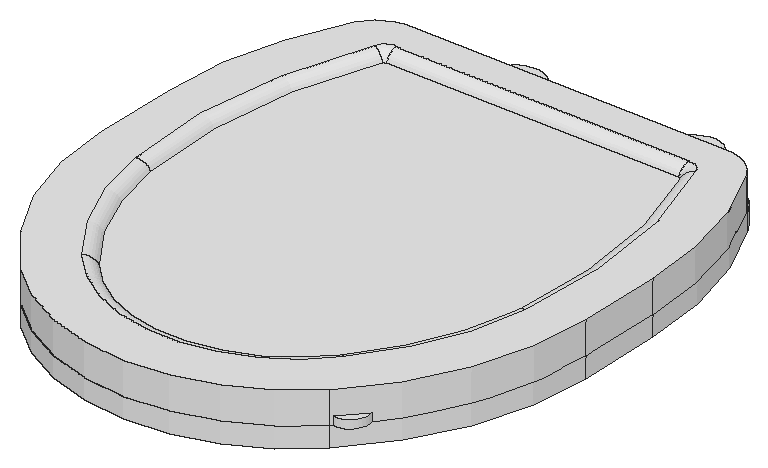
Revit family
Parameters (values of type "5350.110.020")
  Width = 15"
  Warranty Information = "1 Year Limited Warranty"
  URL = "http://www.americanstandard-us.com/"
  Product Page URL = "http://www.americanstandard-us.com/toilet-seats/cadet-3-slow-close-toilet-seat/"
  Product Documentation Link = "http://www.americanstandard-us.com/assets/documents/amstd/spec/SpecSheet_2138.pdf"
  Price = "Prices may vary. Please consult Manufacturer Representative for most up-to-date price list."  # constant formula
  Phone Number = "416-250-5656"  # constant formula
  Omniclass Table 23 Title = "Water Operated Water Closets"  # constant formula
  Omniclass Table 23 Code = "23.45.05.21.11.11"  # constant formula
  Model = "5350.110.020"
  Material = Plastic-American Standard-020-White
  Masterformat Title = "Residential Water Closets"  # constant formula
  Masterformat Number = "22 41 13 13"  # constant formula
  Manufacturer = "American Standard"
  Length = 18 1/2"
  Installation Type = "Surface Mounted"
  Height = 1 5/8"
  Description = "Cadet 3 Slow Close Toilet Elongated Seat White"
  Default Elevation = 0"
  Creation Date = "14/04/2014"  # constant formula
  Created By = "Allied Technical Services"  # constant formula
  Assembly Code = "D2010110"
  ATS URL = "http://www.atsspec.net"
  ADA Compliant = no
Types (5): name | Model | Material | Description
  (no name) | "5350.110.020" | Plastic-American Standard-020-White | "Cadet 3 Slow Close Toilet Elongated Seat White"
  5350.110.020 | "5350.110.020" | Plastic-American Standard-020-White | "Cadet 3 Slow Close Toilet Elongated Seat White"
  5350.110.021 | "5350.110.021" | Plastic-American Standard-021-Bone | "Cadet 3 Slow Close Toilet Elongated Seat Bone"
  5350.110.222 | "5350.110.222" | Plastic-American Standard-021-Bone | "Cadet 3 Slow Close Toilet Elongated Seat Linen"
  5350.110.178 | "5350.110.178" | Plastic-American Standard-178-Black | "Cadet 3 Slow Close Toilet Elongated Seat Black"
Reference planes (in)
  plane 1 "Center (Front/Back)": y = 0
  plane 2: z = 0
  plane 3 "Center (Left/Right)": x = 0
  plane 4: y = 8.00212
  plane 5: y = -10.49788
  plane 6: x = 7.5
  plane 7: x = -7.5
  plane 8: x = -2.75
  plane 9: x = 2.75
  plane 10: z = 1.625
Forms (in)
  Extrusion 1, solid, material "Plastic-American Standard-020-White" <- "Material"
    sketch origin (41, 7.87322, -0.03415) x (-1, 0, 0) y (0, -1, 0)
      loop
        arc (45.87153, 1.10606) -> (46.57277, 1.29567) -> (47.08291, 1.81283) r 1.39151
        arc (47.08291, 1.81283) -> (48.1398, 4.41458) -> (48.5, 7.1996) r 10.94688
        line (48.5, 7.1996) -> (48.5, 9.81202)
        arc (48.5, 9.81202) -> (47.79774, 13.3655) -> (45.79656, 16.38471) r 9.34158
        arc (45.79656, 16.38471) -> (41, 18.38544) -> (36.20344, 16.38471) r 6.75
        arc (36.20344, 16.38471) -> (34.20226, 13.3655) -> (33.5, 9.81202) r 9.34158
        line (33.5, 9.81202) -> (33.5, 7.1996)
        arc (33.5, 7.1996) -> (33.8602, 4.41458) -> (34.91709, 1.81283) r 10.94688
        arc (34.91709, 1.81283) -> (35.42723, 1.29567) -> (36.12847, 1.10606) r 1.39151
        line (36.12847, 1.10606) -> (45.87153, 1.10606)
    from 0.65915 to 1.65915
  Extrusion 2, solid, material "Plastic-American Standard-020-White" <- "Material"
    sketch origin (56, 8.60759, 0.125) x (-1, 0, 0) y (0, -1, 0)
      loop
        arc (63.5, 10.54639) -> (62.79774, 14.09987) -> (60.79656, 17.11908) r 9.34158
        arc (60.79656, 17.11908) -> (56, 19.11981) -> (51.20344, 17.11908) r 6.75
        arc (51.20344, 17.11908) -> (49.20226, 14.09987) -> (48.5, 10.54639) r 9.34158
        line (48.5, 10.54639) -> (48.5, 7.93398)
        arc (48.5, 7.93398) -> (48.89192, 5.03105) -> (50.03962, 2.33598) r 10.94688
        arc (50.03962, 2.33598) -> (50.53988, 1.84551) -> (51.21719, 1.66642) r 1.3703
        line (51.21719, 1.66642) -> (60.78281, 1.66642)
        arc (60.78281, 1.66642) -> (61.46012, 1.84551) -> (61.96038, 2.33598) r 1.3703
        arc (61.96038, 2.33598) -> (63.10808, 5.03105) -> (63.5, 7.93398) r 10.94688
        line (63.5, 7.93398) -> (63.5, 10.54639)
      loop
        arc (60.18794, 10.98117) -> (59.46213, 13.79788) -> (57.46547, 15.91306) r 5.82843
        arc (57.46547, 15.91306) -> (56, 16.33607) -> (54.53453, 15.91306) r 2.75
        arc (54.53453, 15.91306) -> (52.53787, 13.79788) -> (51.81206, 10.98117) r 5.82843
        line (51.81206, 10.98117) -> (51.81206, 8.61124)
        arc (51.81206, 8.61124) -> (56, 4.4233) -> (60.18794, 8.61124) r 4.18794
        line (60.18794, 8.61124) -> (60.18794, 10.98117)
    from -0.125 to 0.5
  Sweep 3, solid, material "Plastic-American Standard-020-White" <- "Material"
    path origin (0, 0, 0) x (1, 0, 0) y (0, 1, 0)
      loop
        line (4.54135, 5.76716) -> (-4.54135, 5.76716)
        arc (-4.54135, 5.76716) -> (-4.81783, 5.68377) -> (-5.00208, 5.46141) r 0.5
        arc (-5.00208, 5.46141) -> (-6.06233, 1.56168) -> (-6.05578, -2.47961) r 15.17631
        arc (-6.05578, -2.47961) -> (-5.37479, -4.90922) -> (-4.057, -7.061) r 9.16379
        arc (-4.057, -7.061) -> (0, -8.97885) -> (4.057, -7.061) r 5.25
        arc (4.057, -7.061) -> (5.37479, -4.90922) -> (6.05578, -2.47961) r 9.16379
        arc (6.05578, -2.47961) -> (6.06233, 1.56168) -> (5.00208, 5.46141) r 15.17631
        arc (5.00208, 5.46141) -> (4.81783, 5.68377) -> (4.54135, 5.76716) r 0.5
    profile origin (0, 5.76716, 0) x (0, -1, 0) y (0, 0, 1)
      loop
        line (0, 1.32726) -> (0.41468, 1.32726)
        arc (0.41468, 1.32726) -> (0.25525, 1.54286) -> (0, 1.625) r 0.43765
        line (0, 1.625) -> (0, 1.32726)
  Extrusion 4, void
    sketch origin (0, 0, 0) x (1, 0, 0) y (0, 1, 0)
      loop
        arc (-4.54135, 5.76716) -> (-4.81783, 5.68377) -> (-5.00208, 5.46141) r 0.5
        arc (-5.00208, 5.46141) -> (-6.06233, 1.56168) -> (-6.05578, -2.47961) r 15.17631
        arc (-6.05578, -2.47961) -> (-5.37479, -4.90922) -> (-4.057, -7.061) r 9.16379
        arc (-4.057, -7.061) -> (0, -8.97885) -> (4.057, -7.061) r 5.25
        arc (4.057, -7.061) -> (5.37479, -4.90922) -> (6.05578, -2.47961) r 9.16379
        arc (6.05578, -2.47961) -> (6.06233, 1.56168) -> (5.00208, 5.46141) r 15.17631
        arc (5.00208, 5.46141) -> (4.81783, 5.68377) -> (4.54135, 5.76716) r 0.5
        line (4.54135, 5.76716) -> (-4.54135, 5.76716)
    from 1.34992 to 1.64765
  Extrusion 5, solid, material "Plastic-American Standard-020-White" <- "Material"
    sketch origin (0, 0, 0) x (1, 0, 0) y (0, 1, 0)
      loop
        line (5.38407, -7.546) -> (4.65052, -8.38169)
        arc (4.65052, -8.38169) -> (5.366, -8.26993) -> (5.38407, -7.546) r 0.56511
    from 0.625 to 0.87828
  Extrusion 6, solid, material "Plastic-American Standard-020-White" <- "Material"
    sketch origin (0, 0, 0) x (1, 0, 0) y (0, 1, 0)
      loop
        line (-3.5908, 8.07767) -> (-3.5908, 6.94117) -> (-1.9092, 6.94117) -> (-1.9092, 8.07767)
        arc (-1.9092, 8.07767) -> (-2.75, 8.91846) -> (-3.5908, 8.07767) r 0.8408
      loop
        arc (3.5908, 8.07767) -> (2.75, 8.91846) -> (1.9092, 8.07767) r 0.8408
        line (1.9092, 8.07767) -> (1.9092, 6.94117) -> (3.5908, 6.94117) -> (3.5908, 8.07767)
    from 0 to 0.25
Cuts and joins
  Extrusion 4 cuts Extrusion 1
  joined: Extrusion 1, Sweep 3, Extrusion 5
  joined: Extrusion 2, Extrusion 6
Lines and regions (in)
  Masking region 1
    outline origin (0, 0, 0) x (1, 0, 0) y (0, 1, 0)
      loop
        line (-3.5908, 6.94117) -> (-4.78281, 6.94117)
        arc (-4.78281, 6.94117) -> (-5.46012, 6.76208) -> (-5.96038, 6.27161) r 1.3703
        arc (-5.96038, 6.27161) -> (-7.10808, 3.57655) -> (-7.5, 0.67362) r 10.94688
        line (-7.5, 0.67362) -> (-7.5, -1.9388)
        arc (-7.5, -1.9388) -> (-6.79774, -5.49228) -> (-4.79656, -8.51149) r 9.34158
        arc (-4.79656, -8.51149) -> (0, -10.51222) -> (4.79656, -8.51149) r 6.75
        arc (4.79656, -8.51149) -> (6.79774, -5.49228) -> (7.5, -1.9388) r 9.34158
        line (7.5, -1.9388) -> (7.5, 0.67362)
        arc (7.5, 0.67362) -> (7.10808, 3.57655) -> (5.96038, 6.27161) r 10.94688
        arc (5.96038, 6.27161) -> (5.46012, 6.76208) -> (4.78281, 6.94117) r 1.3703
        line (4.78281, 6.94117) -> (3.5908, 6.94117) -> (3.5908, 8.07767)
        arc (3.5908, 8.07767) -> (2.75, 8.91846) -> (1.9092, 8.07767) r 0.8408
        line (1.9092, 8.07767) -> (1.9092, 6.94117) -> (-1.9092, 6.94117) -> (-1.9092, 8.07767)
        arc (-1.9092, 8.07767) -> (-2.75, 8.91846) -> (-3.5908, 8.07767) r 0.8408
        line (-3.5908, 8.07767) -> (-3.5908, 6.94117)
  Masking region 2
    outline origin (0, 0, 0) x (1, 0, 0) y (0, 0, 1)
      loop
        line (7.5, 1.625) -> (-7.5, 1.625) -> (-7.5, 0) -> (7.5, 0) -> (7.5, 1.625)
  Masking region 3
    outline origin (0, 0, 0) x (0, 1, 0) y (0, 0, 1)
      loop
        line (8.91846, 0) -> (8.91846, 0.25) -> (6.94117, 0.25) -> (6.94117, 0.625) -> (6.76716, 0.625) -> (6.76716, 1.625) -> (-10.51222, 1.625) -> (-10.51222, 0) -> (8.91846, 0)
  symbolic lines, style "SpecialityEquipment"
    curve 1: line (-3.5908, 6.94117, 0) -> (-4.78281, 6.94117, 0)
    curve 2: line (-3.5908, 8.07767, 0) -> (-3.5908, 6.94117, 0)
    curve 3: arc (-1.9092, 8.07767, 0) -> (-2.75, 8.91846, 0) -> (-3.5908, 8.07767, 0) r 0.8408
    curve 4: line (-1.9092, 6.94117, 0) -> (-1.9092, 8.07767, 0)
    curve 5: line (1.9092, 6.94117, 0) -> (-1.9092, 6.94117, 0)
    curve 6: line (1.9092, 8.07767, 0) -> (1.9092, 6.94117, 0)
    curve 7: arc (3.5908, 8.07767, 0) -> (2.75, 8.91846, 0) -> (1.9092, 8.07767, 0) r 0.8408
    curve 8: line (3.5908, 6.94117, 0) -> (3.5908, 8.07767, 0)
    curve 9: arc (-6.08291, 6.06039, 0) -> (-7.1398, 3.45864, 0) -> (-7.5, 0.67362, 0) r 10.94688
    curve 10: line (-7.5, 0.67362, 0) -> (-7.5, -1.9388, 0)
    curve 11: arc (-7.5, -1.9388, 0) -> (-6.79774, -5.49228, 0) -> (-4.79656, -8.51149, 0) r 9.34158
    curve 12: arc (-4.79656, -8.51149, 0) -> (0.03945, -10.5121, 0) -> (4.85174, -8.4551, 0) r 6.75
    curve 13: line (7.5, -1.9388, 0) -> (7.5, 0.67362, 0)
    curve 14: arc (7.5, 0.67362, 0) -> (7.1398, 3.45864, 0) -> (6.08291, 6.06039, 0) r 10.94688
    curve 15: line (4.78281, 6.94117, 0) -> (3.5908, 6.94117, 0)
    curve 16: arc (6.08291, 6.06039, 0) -> (6.04077, 6.1301, 0) -> (5.99462, 6.19722, 0) r 1.39151
    curve 23: arc (4.85174, -8.4551, 0) -> (5.36581, -8.27015, 0) -> (5.48311, -7.73656, 0) r 0.56511
    curve 26: arc (5.48311, -7.73656, 0) -> (6.98138, -5.00808, 0) -> (7.5, -1.9388, 0) r 9.34158
    curve 28: line (7.5, 0, 1.625) -> (-7.5, 0, 1.625)
    curve 29: line (7.5, 0, 0) -> (7.5, 0, 1.625)
    curve 30: line (-7.5, 0, 0) -> (7.5, 0, 0)
    curve 31: line (-7.5, 0, 1.625) -> (-7.5, 0, 0)
    curve 37: line (0, 8.91846, 0.25) -> (0, 6.94117, 0.25)
    curve 38: line (0, 8.91846, 0) -> (0, 8.91846, 0.25)
    curve 39: line (0, -10.49788, 0) -> (0, 8.91846, 0)
    curve 40: line (0, -10.49788, 0.25) -> (0, -10.49788, 0)
    curve 41: line (0, -10.49788, 1.625) -> (0, 6.76716, 1.625)
    curve 42: line (0, -10.49788, 0.25) -> (0, -10.49788, 1.625)
    curve 43: line (0, 6.76716, 1.625) -> (0, 6.76716, 0.625)
    curve 45: arc (5.99462, 6.19722, 0) -> (5.49379, 6.74035, 0) -> (4.78281, 6.94117, 0) r 1.35893
    curve 46: arc (-5.99462, 6.19722, 0) -> (-5.49379, 6.74035, 0) -> (-4.78281, 6.94117, 0) r 1.35893
    curve 48: arc (-5.99462, 6.19722, 0) -> (-6.04077, 6.1301, 0) -> (-6.08291, 6.06039, 0) r 1.39151
    curve 49: line (0, 6.76716, 0.625) -> (0, 6.94117, 0.625)
    curve 50: line (0, 6.94117, 0.625) -> (0, 6.94117, 0.25)
    curve 51: line (0, 6.76716, 0.625) -> (0, -10.49788, 0.625)
  symbolic lines, style "SpecialityEquipment", detail levels medium+fine
    curve 17: arc (-5.64489, -2.42374, 0) -> (-5.6475, 1.53522, 0) -> (-4.59786, 5.35248, 0) r 14.76163
    curve 18: line (-4.59786, 5.35248, 0) -> (4.59786, 5.35248, 0)
    curve 19: arc (4.59786, 5.35248, 0) -> (5.6475, 1.53522, 0) -> (5.64489, -2.42374, 0) r 14.76163
    curve 20: arc (5.64489, -2.42374, 0) -> (4.99471, -4.7434, 0) -> (3.73655, -6.79781, 0) r 8.74911
    curve 21: arc (3.73655, -6.79781, 0) -> (0, -8.56417, 0) -> (-3.73655, -6.79781, 0) r 4.83532
    curve 22: arc (-3.73655, -6.79781, 0) -> (-4.99471, -4.7434, 0) -> (-5.64489, -2.42374, 0) r 8.74911
    curve 27: arc (4.85196, -8.45506, 0) -> (5.17674, -8.10389, 0) -> (5.48311, -7.73656, 0) r 9.34158
    curve 32: line (7.5, 0, 0.625) -> (-7.5, 0, 0.625)
  symbolic lines, style "SpecialityEquipment", detail levels fine
    curve 24: arc (-4.87153, 6.76716, 0) -> (-5.50125, 6.61652, 0) -> (-5.99462, 6.19722, 0) r 1.39151
    curve 25: line (4.87153, 6.76716, 0) -> (-4.87153, 6.76716, 0)
    curve 33: line (3.5908, 0, 0.25) -> (3.5908, 0, 0)
    curve 34: line (1.9092, 0, 0.25) -> (1.9092, 0, 0)
    curve 35: line (-3.5908, 0, 0.25) -> (-3.5908, 0, 0)
    curve 36: line (-1.9092, 0, 0.25) -> (-1.9092, 0, 0)
    curve 44: line (0, 6.94117, 0.25) -> (0, 6.94117, 0)
    curve 47: arc (5.99462, 6.19722, 0) -> (5.50125, 6.61652, 0) -> (4.87153, 6.76716, 0) r 1.39151
    curve 52: line (3.5908, 0, 0.25) -> (1.9092, 0, 0.25)
    curve 53: line (-1.9092, 0, 0.25) -> (-3.5908, 0, 0.25)
Dimensions and locks (in)
  "Length": plane 4 to plane 5
  "Width": plane 7 to plane 6
  plane 2 to plane 10 = 1 5/8"
Automatic sketch dimensions
  Sweep 3 sketch curve to plane 3 "Center (Left/Right)" = 0"
  plane 1 "Center (Front/Back)" to Sweep 3 sketch curve = 1.24478"  (x2)
  plane 7 to Sweep 3 sketch curve = 3.443"
  Sweep 3 sketch curve to Sweep 3 sketch curve = 0"  (x6)
  plane 7 to Sweep 3 sketch curve = 2.95865"
  Sweep 3 sketch curve to Sweep 3 sketch curve = 0.46072"  (x2)
  plane 7 to Sweep 3 sketch curve = 1.44422"
  Sweep 3 sketch curve to plane 7 = 1.48211"
  plane 6 to Sweep 3 sketch curve = 2.95865"
  plane 6 to Sweep 3 sketch curve = 1.44422"
  plane 1 "Center (Front/Back)" to Sweep 3 sketch curve = 0.43459"
  Sweep 3 sketch curve to profile plane = 0"
  Sweep 3 sketch curve to profile plane = 0.41468"
  level to Sweep 3 sketch curve = 1.18735"
  Sweep 3 sketch curve to Sweep 3 sketch curve = 0.13991"
  Sweep 3 sketch curve to plane 6 = 1.48211"
  Sweep 3 sketch curve to Sweep 3 sketch curve = 0.19425"
  plane 7 to Extrusion 4 sketch curve = 2.49792"
  Extrusion 4 sketch curve to Extrusion 4 sketch curve = 0.46072"  (x2)
  plane 6 to Extrusion 4 sketch curve = 2.95865"
  Extrusion 4 sketch curve to plane 4 = 2.73496"
  Extrusion 4 sketch curve to Extrusion 4 sketch curve = 0.19425"
  Extrusion 4 sketch curve to Extrusion 4 sketch curve = 1/2"
  plane 1 "Center (Front/Back)" to Extrusion 4 sketch curve = 0.43459"  (x2)
  Extrusion 4 sketch curve to Extrusion 4 sketch curve = 0"  (x5)
  plane 6 to Extrusion 4 sketch curve = 1.44422"
  plane 7 to Extrusion 4 sketch curve = 1.44422"
  plane 7 to Extrusion 4 sketch curve = 3.443"
  plane 1 "Center (Front/Back)" to Extrusion 4 sketch curve = 1.24478"
  Extrusion 4 sketch curve to plane 3 "Center (Left/Right)" = 0"
  plane 5 to Extrusion 4 sketch curve = 3.43688"
  Extrusion 1 sketch curve to plane 6 = 0"
  Extrusion 1 sketch curve to plane 3 "Center (Left/Right)" = 0"
  Extrusion 1 sketch curve to plane 7 = 0"
  plane 6 to Extrusion 1 sketch curve = 1.41709"
  Extrusion 1 sketch curve to Extrusion 1 sketch curve = 1.21138"  (x2)
  plane 5 to Extrusion 1 sketch curve = 1.98639"  (x2)
  plane 6 to Extrusion 1 sketch curve = 2.70344"
  Extrusion 1 sketch curve to Extrusion 1 sketch curve = 0"  (x3)
  Extrusion 1 sketch curve to plane 1 "Center (Front/Back)" = 0.67362"  (x2)
  plane 3 "Center (Left/Right)" to Extrusion 1 sketch curve = 1.84158"
  Extrusion 1 sketch curve to plane 3 "Center (Left/Right)" = 1.84158"
  Extrusion 1 sketch curve to Extrusion 1 sketch curve = 1.6053"
  plane 7 to Extrusion 1 sketch curve = 2.62847"
  plane 6 to Extrusion 5 sketch curve = 2.84948"
  Extrusion 5 sketch curve to Extrusion 5 sketch curve = 0.29078"
  Extrusion 5 sketch curve to Extrusion 5 sketch curve = 0.44277"
  plane 5 to Extrusion 5 sketch curve = 2.11619"
  Extrusion 5 sketch curve to Extrusion 5 sketch curve = 0.48455"
  Masking region 1 sketch curve to plane 7 = 0"
  Masking region 1 sketch curve to plane 3 "Center (Left/Right)" = 0"
  Masking region 1 sketch curve to plane 6 = 0"
  plane 7 to Masking region 1 sketch curve = 1.53962"
  Masking region 1 sketch curve to Masking region 1 sketch curve = 0"  (x3)
  plane 5 to Masking region 1 sketch curve = 1.98639"  (x2)
  plane 7 to Masking region 1 sketch curve = 2.70344"
  Masking region 1 sketch curve to Masking region 1 sketch curve = 1.17758"  (x2)
  plane 4 to Masking region 1 sketch curve = 0.07554"  (x2)
  Masking region 1 sketch curve to Masking region 1 sketch curve = 1.19201"  (x2)
  Masking region 1 sketch curve to plane 1 "Center (Front/Back)" = 0.67362"  (x2)
  Masking region 1 sketch curve to Masking region 1 sketch curve = 0.8408"  (x2)
  Masking region 1 sketch curve to plane 3 "Center (Left/Right)" = 1.84158"
  plane 3 "Center (Left/Right)" to Masking region 1 sketch curve = 1.9092"
  Masking region 1 sketch curve to Masking region 1 sketch curve = 1.6053"
  Masking region 1 sketch curve to Masking region 1 sketch curve = 0.70074"  (x2)
  Masking region 1 sketch curve to plane 4 = 1.06095"
  Masking region 2 sketch curve to plane 7 = 0"
  Masking region 2 sketch curve to level = 0"
  plane 6 to Masking region 2 sketch curve = 0"
  Masking region 2 sketch curve to plane 10 = 0"
  curve 26 to curve 27 = 0"  (x2)
  curve 11 to plane 7 = 0"
  curve 12 to plane 3 "Center (Left/Right)" = 0"
  curve 21 to plane 3 "Center (Left/Right)" = 0"
  curve 14 to plane 6 = 0"
  plane 1 "Center (Front/Back)" to curve 19 = 0.43459"
  curve 19 to plane 7 = 1.48211"
  plane 7 to curve 9 = 1.41709"
  curve 48 to curve 9 = 0"
  curve 48 to curve 46 = 0.08829"
  plane 7 to curve 22 = 1.85511"
  curve 17 to curve 22 = 0"
  curve 46 to curve 48 = 1.12309"
  plane 7 to curve 12 = 2.70344"
  curve 11 to curve 12 = 0"
  curve 24 to curve 1 = 0.08872"
  curve 48 to curve 17 = 0.27367"
  curve 11 to curve 22 = 1.06"
  curve 21 to curve 22 = 0"
  curve 46 to curve 2 = 1.19201"
  curve 14 to plane 1 "Center (Front/Back)" = 0.67362"
  curve 14 to plane 3 "Center (Left/Right)" = 3.44688"
  curve 14 to curve 20 = 0.42244"
  plane 4 to curve 3 = 0.07554"
  curve 3 to curve 3 = 0.8408"
  curve 20 to curve 27 = 1.18285"
  plane 3 "Center (Left/Right)" to curve 11 = 1.84158"
  plane 4 to curve 6 = 0.07554"
  plane 3 "Center (Left/Right)" to curve 6 = 1.9092"
  curve 7 to curve 7 = 0.8408"
  curve 11 to curve 22 = 1.18285"
  curve 9 to plane 1 "Center (Front/Back)" = 0.67362"
  curve 22 to curve 9 = 0.42244"
  plane 3 "Center (Left/Right)" to curve 20 = 3.73655"
  curve 21 to curve 20 = 0"
  curve 8 to curve 19 = 1.00706"
  curve 19 to curve 45 = 0.18495"
  curve 20 to curve 23 = 1.11518"
  curve 23 to curve 27 = 0.00023"
  curve 45 to curve 16 = 0.08872"
  curve 27 to curve 23 = 0.08934"
  curve 23 to curve 23 = 0.54181"
  plane 6 to curve 20 = 1.85511"
  curve 19 to curve 20 = 0"
  curve 47 to curve 45 = 1.12309"
  curve 45 to curve 16 = 0.08829"
  plane 1 "Center (Front/Back)" to curve 22 = 1.24478"
  curve 20 to curve 13 = 0.48494"
  curve 22 to curve 11 = 0.48494"
  curve 48 to curve 46 = 0.2066"
  curve 16 to curve 45 = 0.2066"
  curve 4 to plane 4 = 1.06095"
  curve 16 to curve 47 = 0"  (x2)
  curve 24 to curve 48 = 0"  (x2)
  plane 4 to Extrusion 6 sketch curve = 0.07554"  (x2)
  Extrusion 6 sketch curve to plane 3 "Center (Left/Right)" = 3.5908"
  Extrusion 6 sketch curve to Extrusion 6 sketch curve = 0.8408"  (x2)
  plane 3 "Center (Left/Right)" to Extrusion 6 sketch curve = 1.9092"
  Extrusion 6 sketch curve to plane 4 = 1.06095"  (x2)
  Extrusion 2 sketch curve to plane 6 = 0"
  Extrusion 2 sketch curve to plane 3 "Center (Left/Right)" = 0"  (x3)
  Extrusion 2 sketch curve to plane 7 = 0"
  plane 6 to Extrusion 2 sketch curve = 1.53962"
  Extrusion 2 sketch curve to Extrusion 2 sketch curve = 0"  (x5)
  Extrusion 2 sketch curve to plane 9 = 2.04656"
  Extrusion 2 sketch curve to Extrusion 2 sketch curve = 1.17758"  (x2)
  plane 1 "Center (Front/Back)" to Extrusion 2 sketch curve = 0.00365"
  Extrusion 2 sketch curve to plane 9 = 1.43794"
  Extrusion 2 sketch curve to plane 9 = 0.69688"
  plane 9 to Extrusion 2 sketch curve = 0.90842"
  Extrusion 2 sketch curve to Extrusion 2 sketch curve = 0.20109"  (x2)
  plane 9 to Extrusion 2 sketch curve = 1.28453"
  plane 8 to Extrusion 2 sketch curve = 1.28453"
  Extrusion 2 sketch curve to plane 8 = 0.69688"
  Extrusion 2 sketch curve to plane 8 = 2.04656"
  Extrusion 2 sketch curve to plane 1 "Center (Front/Back)" = 0.67362"  (x2)
  plane 1 "Center (Front/Back)" to Extrusion 2 sketch curve = 1.9388"
  Extrusion 2 sketch curve to Extrusion 2 sketch curve = 2.36993"
  plane 10 to Masking region 3 sketch curve = 0"
  Masking region 3 sketch curve to level = 0"
  Masking region 3 sketch curve to plane 5 = 0.01434"
  Masking region 3 sketch curve to plane 4 = 1.23496"
  Masking region 3 sketch curve to Masking region 3 sketch curve = 0.17401"
  level to Masking region 3 sketch curve = 1/4"
  plane 4 to Masking region 3 sketch curve = 0.91634"
  Masking region 3 sketch curve to Masking region 3 sketch curve = 3/8"
  curve 42 to plane 5 = 0"
  plane 10 to curve 41 = 0"
  curve 44 to level = 0"
  curve 51 to plane 4 = 1.23496"
  curve 43 to curve 50 = 0.17401"
  curve 44 to curve 37 = 0"
  level to curve 38 = 1/4"
  plane 4 to curve 38 = 0.91634"
  curve 39 to curve 40 = 1/4"
  curve 44 to curve 43 = 3/8"
  curve 28 to plane 7 = 0"
  curve 35 to level = 0"
  plane 6 to curve 30 = 0"
  curve 29 to plane 10 = 0"
  level to curve 35 = 1/4"
  curve 35 to plane 3 "Center (Left/Right)" = 3.5908"
  curve 35 to curve 36 = 1.68159"
  level to curve 34 = 1/4"
  plane 3 "Center (Left/Right)" to curve 34 = 1.9092"
  curve 34 to curve 52 = 1.68159"
  level to curve 32 = 5/8"
